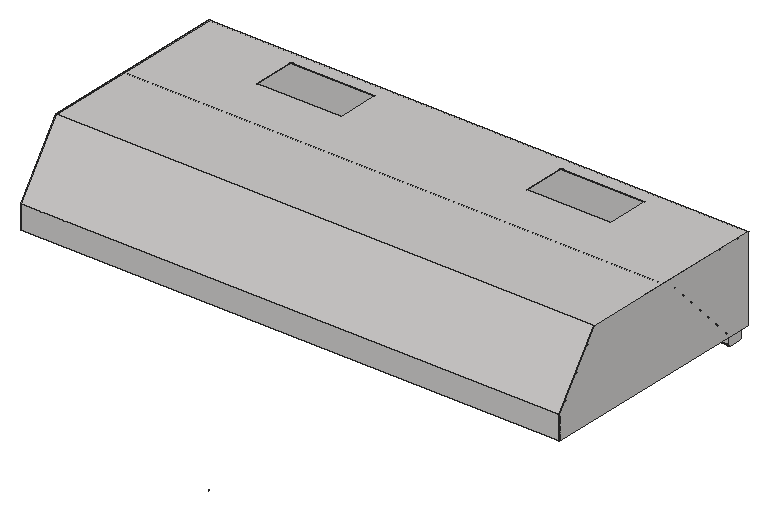
Revit family "QF_ELECTROLUXPROFESSIONAL_642162_BP1432BT", category Specialty Equipment, Revit 2014
Reference planes
  plane 1: z = 0
  plane 2 "Center (Left/Right)": x = 150
  plane 3 "LEFT": x = -1450
  plane 4 "RIGHT": x = 1750
  plane 5 "BACK": y = 550
  plane 6 "TOP": z = 2500
  plane 7 "Base": z = 2000
  plane 8: z = 1926
  plane 9 "DrainY": y = 485
  plane 10: x = -1447
  plane 11: through (0, 414.509, 2000.8) normal (0, 0.7314, 0.682)
  plane 12: y = 470
  plane 13: y = 220
  plane 14 "DrainX": x = 1632
  plane 15: x = -400
  plane 16: x = 700
  plane 17: x = -900
  plane 18: x = 1200
  plane 19: x = 1747
  plane 20: x = 1542
  plane 21: x = 1722
  plane 22: x = -1410
  plane 23: x = -410
  plane 24: x = -10
  plane 25: x = 1710
  plane 26: x = 710
  plane 27: x = 310
  plane 28: z = 2140
  plane 29: y = -590
  plane 30 "Center (Front/Back)": y = -150
  plane 31 "Front": y = -850
Forms (mm)
  Extrusion 1, solid, material "QF_Finishes_Stainless Steel"
    sketch origin (-1450, 0, 360) x (0, 1, 0) y (0, 0, 1)
      loop
        line (550, 1640) -> (550, 2140) -> (-590, 2140) -> (-850, 1780) -> (-850, 1640) -> (550, 1640)
    from 0 to 3
  Extrusion 2, solid, material "QF_Finishes_Stainless Steel"
    sketch origin (150, 0, 360) x (0, 1, 0) y (0, 0, 1)
      loop
        line (415.255, 1640) -> (550, 1640) -> (550, 2139.19) -> (549.2, 2139.19) -> (549.2, 1640.8) -> (415.876, 1640.8) -> (339.347, 1722.867) -> (349.609, 1732.436) -> (348.927, 1733.167) -> (337.934, 1722.917) -> (415.255, 1640)
      loop
        line (-82.203, 2139.19) -> (-82.203, 2118.6) -> (-31.047, 2118.6) -> (34.354, 2048.466) -> (46.028, 2059.352) -> (45.346, 2060.083) -> (34.403, 2049.879) -> (-30.612, 2119.6) -> (-81.203, 2119.6) -> (-81.203, 2139.19) -> (-82.203, 2139.19)
    from -1597 to 1597
  Extrusion 3, solid, material "QF_Finishes_Stainless Steel"
    sketch origin (1750, 0, 360) x (0, 1, 0) y (0, 0, 1)
      loop
        line (550, 1640) -> (550, 2140) -> (-590, 2140) -> (-850, 1780) -> (-850, 1640) -> (550, 1640)
    from 0 to -3
  Extrusion 4, solid, material "QF_Finishes_Stainless Steel"
    sketch origin (150, 0, 360) x (0, 1, 0) y (0, 0, 1)
      loop
        line (550, 2139.19) -> (550, 2140) -> (-590, 2140) -> (-850, 1780) -> (-850, 1640) -> (-849.2, 1640) -> (-849.2, 1779.741) -> (-589.598, 2139.19) -> (550, 2139.19)
    from -1600 to 1600
  Extrusion 5, solid, material "QF_Finishes_Stainless Steel"
    sketch origin (150, 0, 360) x (0, 1, 0) y (0, 0, 1)
      loop
        line (534, 1640) -> (436, 1640) -> (436, 1627) -> (443.5, 1627) -> (443.5, 1576)
        arc (443.5, 1576) -> (446.429, 1568.929) -> (453.5, 1566) r 10
        line (453.5, 1566) -> (516.5, 1566)
        arc (516.5, 1566) -> (523.571, 1568.929) -> (526.5, 1576) r 10
        line (526.5, 1576) -> (526.5, 1627) -> (534, 1627) -> (534, 1640)
    from 1392 to 1572
  Extrusion 6, solid, material "QF_Finishes_Stainless Steel"
    sketch origin (0, 0, 2000) x (0, 1, 0) y (-1, 0, 0)
      loop
        circle (485, -1632) r 20
    from -76 to -74
  Extrusion 7, solid, material "QF_Finished_Chrome"
    sketch origin (150, 0, 360) x (0, 1, 0) y (0, 0, 1)
      loop
        line (337.934, 1722.917) -> (341.591, 1726.327) -> (38.011, 2051.876) -> (34.354, 2048.466) -> (337.934, 1722.917)
    from -560 to -1560
  Extrusion 8, solid, material "QF_Finished_Chrome"
    sketch origin (150, 0, 360) x (0, 1, 0) y (0, 0, 1)
      loop
        line (337.934, 1722.917) -> (341.591, 1726.327) -> (38.011, 2051.876) -> (34.354, 2048.466) -> (337.934, 1722.917)
    from 160 to -160
  Extrusion 9, solid, material "QF_Finishes_Stainless Steel"
    sketch origin (150, 0, 360) x (0, 1, 0) y (0, 0, 1)
      loop
        line (337.934, 1722.917) -> (341.591, 1726.327) -> (38.011, 2051.876) -> (34.354, 2048.466) -> (337.934, 1722.917)
    from 1597 to 1560
  Extrusion 10, solid, material "QF_Finishes_Stainless Steel"
    sketch origin (150, 0, 360) x (0, 1, 0) y (0, 0, 1)
      loop
        line (341.588, 1726.324) -> (38.009, 2051.874) -> (34.354, 2048.466) -> (337.934, 1722.917) -> (341.588, 1726.324)
    from -560 to -160
  Extrusion 11, solid, material "QF_Finished_Chrome"
    sketch origin (150, 0, 360) x (0, 1, 0) y (0, 0, 1)
      loop
        line (341.588, 1726.324) -> (38.009, 2051.874) -> (34.354, 2048.466) -> (337.934, 1722.917) -> (341.588, 1726.324)
    from 560 to 1560
  Extrusion 12, void
    sketch origin (0, 0, 2500) x (0, 1, 0) y (-1, 0, 0)
      loop
        line (470, 900) -> (220, 900) -> (220, 400) -> (470, 400) -> (470, 900)
    from 0 to -10
  Extrusion 13, void
    sketch origin (940, 0, 2500) x (0, 1, 0) y (-1, 0, 0)
      loop
        line (470, 240) -> (220, 240) -> (220, -260) -> (470, -260) -> (470, 240)
    from 0 to -10
  Extrusion 14, solid, material "QF_Finishes_Stainless Steel"
    sketch origin (0, 0, 0) x (1, 0, 0) y (0, 1, 0)
      loop
        line (-1450, 550) -> (-1450, 549) -> (-1449, 549) -> (-1449, 550) -> (-1450, 550)
    from 0 to 1
  Extrusion 15, solid, material "QF_Finishes_Stainless Steel"
    sketch origin (150, 0, 360) x (0, 1, 0) y (0, 0, 1)
      loop
        line (337.934, 1722.917) -> (341.591, 1726.327) -> (38.011, 2051.876) -> (34.354, 2048.466) -> (337.934, 1722.917)
    from -1560 to -1597
  Extrusion 16, solid, material "QF_Finishes_Stainless Steel"
    sketch origin (150, 0, 360) x (0, 1, 0) y (0, 0, -1)
      loop
        line (341.588, -1726.324) -> (337.934, -1722.917) -> (34.354, -2048.466) -> (38.009, -2051.874) -> (341.588, -1726.324)
    from -560 to -160
Cuts and joins
  Extrusion 12, Extrusion 13 cuts Extrusion 4
  joined: Extrusion 2, Extrusion 4
Lines and regions (mm)
  symbolic lines, style "SpecialityEquipment", detail levels coarse
    curve 1: line (1750, 550, 2500) -> (-1450, 550, 2500)
    curve 2: line (-1450, 550, 2500) -> (-1450, -850, 2500)
    curve 3: line (1750, -850, 2500) -> (1750, 550, 2500)
    curve 4: line (-900, 220, 2500) -> (-400, 220, 2500)
    curve 5: line (-900, 470, 2500) -> (-900, 220, 2500)
    curve 6: line (-400, 470, 2500) -> (-900, 470, 2500)
    curve 7: line (-400, 220, 2500) -> (-400, 470, 2500)
    curve 8: line (700, 470, 2500) -> (700, 220, 2500)
    curve 9: line (700, 220, 2500) -> (1200, 220, 2500)
    curve 10: line (1200, 470, 2500) -> (700, 470, 2500)
    curve 11: line (1200, 220, 2500) -> (1200, 470, 2500)
    curve 12: line (-1450, -590, 0) -> (1750, -590, 0)
    curve 13: line (-1450, 550, 0) -> (1750, -590, 0)
    curve 14: line (1750, 550, 0) -> (-1450, -590, 0)
  symbolic lines, detail levels coarse
    curve 15: line (-1450, -850, 2500) -> (1750, -850, 2500)
Dimensions and locks
  plane 3 "LEFT" to plane 4 "RIGHT" = 3200 mm
  equal spacing: plane 3 "LEFT", plane 2 "Center (Left/Right)", plane 4 "RIGHT"
  locked: plane 6 "TOP" to plane 7 "Base" at 500
  plane 7 "Base" to plane 8 = 74 mm
  plane 5 "BACK" to plane 9 "DrainY" = 65 mm  (x2)
  plane 3 "LEFT" to plane 10 = 3 mm
  plane 5 "BACK" to plane 12 = 80 mm
  plane 12 to plane 13 = 250 mm  (x2)
  plane 14 "DrainX" to plane 4 "RIGHT" = 118 mm
  locked: plane 15 to plane 16 at 1100
  equal spacing: plane 15, plane 2 "Center (Left/Right)", plane 16
  plane 17 to plane 15 = 500 mm
  plane 16 to plane 18 = 500 mm
  plane 19 to plane 4 "RIGHT" = 3 mm
  locked: plane 20 to plane 14 "DrainX" at 90
  locked: plane 14 "DrainX" to plane 21 at 90
  plane 12 to plane 5 "BACK" = 80 mm
  locked: plane 3 "LEFT" to plane 22 at 40
  locked: plane 25 to plane 4 "RIGHT" at 40
  plane 28 to plane 7 "Base" = 140 mm
  locked: plane 7 "Base" to level at 2000
  plane 5 "BACK" to plane 31 "Front" = 1400 mm  (x2)
  equal spacing: plane 5 "BACK", plane 30 "Center (Front/Back)", plane 31 "Front"
  locked: plane 24 to plane 2 "Center (Left/Right)" at 160
  locked: plane 2 "Center (Left/Right)" to plane 27 at 160
  locked: plane 23 to plane 24 at 400
  locked: plane 27 to plane 26 at 400
  plane 22 to plane 23 = 1000 mm
  plane 26 to plane 25 = 1000 mm
  aligned and locked: level to plane 1
  aligned and locked: Extrusion 2 to Extrusion 1
  aligned and locked: Extrusion 2 to Extrusion 3
  aligned and locked: plane 4 "RIGHT" to Extrusion 4
  aligned and locked: Extrusion 4 to plane 3 "LEFT"
  aligned and locked: plane 19 to Extrusion 9
  aligned and locked: plane 17 to Extrusion 12
  aligned and locked: Extrusion 12 to plane 15
  aligned and locked: Extrusion 12 to plane 13
  aligned and locked: Extrusion 12 to plane 12
  aligned and locked: Extrusion 13 to plane 18
  aligned and locked: plane 16 to Extrusion 13
  aligned and locked: plane 21 to Extrusion 5
  aligned and locked: Extrusion 5 to plane 20
  aligned and locked: Extrusion 9 to plane 25
  aligned and locked: Extrusion 11 to plane 25
  aligned and locked: Extrusion 11 to plane 26
  aligned and locked: Extrusion 8 to plane 27
  aligned and locked: Extrusion 8 to plane 24
  aligned and locked: plane 24 to Extrusion 10
  aligned and locked: Extrusion 10 to plane 23
  aligned and locked: plane 23 to Extrusion 7
  aligned and locked: Extrusion 7 to plane 22
  aligned and locked: Extrusion 15 to plane 10
  aligned and locked: plane 22 to Extrusion 15
  aligned and locked: Extrusion 16 to plane 27
  aligned and locked: Extrusion 16 to plane 26
  aligned and locked: Extrusion 3 to plane 19
Automatic sketch dimensions
  Extrusion 2 sketch curve to plane 11 = 0 mm  (x3)
  Extrusion 2 sketch curve to plane 7 "Base" = 0 mm
  plane 11 to Extrusion 2 sketch curve = 0 mm
  Extrusion 2 sketch curve to plane 5 "BACK" = 0 mm
  Extrusion 2 sketch curve to Extrusion 2 sketch curve = 65.646 mm
  Extrusion 2 sketch curve to Extrusion 2 sketch curve = 0.682 mm  (x2)
  Extrusion 2 sketch curve to Extrusion 2 sketch curve = 10.261 mm
  plane 7 "Base" to Extrusion 2 sketch curve = 82.917 mm
  Extrusion 2 sketch curve to Extrusion 2 sketch curve = 10.942 mm
  Extrusion 2 sketch curve to Extrusion 2 sketch curve = 0.049 mm
  Extrusion 2 sketch curve to plane 6 "TOP" = 20.4 mm
  Extrusion 2 sketch curve to plane 6 "TOP" = 21.4 mm
  Extrusion 2 sketch curve to plane 6 "TOP" = 0.81 mm  (x2)
  Extrusion 2 sketch curve to Extrusion 2 sketch curve = 50.156 mm
  Extrusion 2 sketch curve to Extrusion 2 sketch curve = 1 mm
  plane 7 "Base" to Extrusion 2 sketch curve = 0.8 mm
  Extrusion 2 sketch curve to plane 5 "BACK" = 0.8 mm
  Extrusion 5 sketch curve to plane 7 "Base" = 0 mm
  Extrusion 5 sketch curve to plane 8 = 0 mm
  Extrusion 5 sketch curve to plane 7 "Base" = 13 mm  (x2)
  plane 12 to Extrusion 5 sketch curve = 34 mm
  Extrusion 5 sketch curve to Extrusion 5 sketch curve = 7.5 mm  (x2)
  Extrusion 5 sketch curve to Extrusion 5 sketch curve = 10 mm
  plane 9 "DrainY" to Extrusion 5 sketch curve = 31.5 mm
  Extrusion 5 sketch curve to plane 5 "BACK" = 23.5 mm
  Extrusion 6 sketch curve to plane 9 "DrainY" = 0 mm
  Extrusion 6 sketch curve to plane 14 "DrainX" = 0 mm
  Extrusion 7 sketch curve to plane 11 = 0 mm  (x2)
  Extrusion 7 sketch curve to Extrusion 7 sketch curve = 3.657 mm
  plane 7 "Base" to Extrusion 7 sketch curve = 82.917 mm
  Extrusion 8 sketch curve to plane 11 = 0 mm  (x2)
  Extrusion 8 sketch curve to Extrusion 8 sketch curve = 3.657 mm
  plane 7 "Base" to Extrusion 8 sketch curve = 82.917 mm
  Extrusion 9 sketch curve to plane 11 = 0 mm  (x2)
  Extrusion 9 sketch curve to Extrusion 9 sketch curve = 3.657 mm
  plane 7 "Base" to Extrusion 9 sketch curve = 82.917 mm
  Extrusion 10 sketch curve to plane 11 = 0 mm  (x2)
  Extrusion 10 sketch curve to Extrusion 10 sketch curve = 3.655 mm
  plane 7 "Base" to Extrusion 10 sketch curve = 82.917 mm
  Extrusion 11 sketch curve to plane 11 = 0 mm  (x2)
  Extrusion 11 sketch curve to Extrusion 11 sketch curve = 3.655 mm
  plane 7 "Base" to Extrusion 11 sketch curve = 82.917 mm
  Extrusion 12 sketch curve to plane 13 = 0 mm
  plane 12 to Extrusion 12 sketch curve = 0 mm
  Extrusion 12 sketch curve to plane 15 = 0 mm
  Extrusion 12 sketch curve to plane 17 = 0 mm
  Extrusion 13 sketch curve to plane 13 = 0 mm
  plane 12 to Extrusion 13 sketch curve = 0 mm
  Extrusion 13 sketch curve to plane 18 = 0 mm
  Extrusion 13 sketch curve to plane 16 = 0 mm
  Extrusion 14 sketch curve to plane 3 "LEFT" = 0 mm
  Extrusion 14 sketch curve to plane 5 "BACK" = 0 mm
  plane 3 "LEFT" to Extrusion 14 sketch curve = 1 mm
  Extrusion 14 sketch curve to plane 5 "BACK" = 1 mm
  Extrusion 15 sketch curve to plane 11 = 0 mm  (x2)
  Extrusion 15 sketch curve to Extrusion 15 sketch curve = 3.657 mm
  plane 7 "Base" to Extrusion 15 sketch curve = 82.917 mm
  Extrusion 16 sketch curve to plane 11 = 0 mm  (x2)
  Extrusion 16 sketch curve to Extrusion 16 sketch curve = 3.655 mm
  plane 7 "Base" to Extrusion 16 sketch curve = 82.917 mm
  Extrusion 4 sketch curve to plane 6 "TOP" = 0 mm
  Extrusion 4 sketch curve to plane 29 = 0 mm
  Extrusion 4 sketch curve to plane 5 "BACK" = 0 mm
  Extrusion 4 sketch curve to plane 7 "Base" = 0 mm
  Extrusion 4 sketch curve to plane 28 = 0 mm
  Extrusion 4 sketch curve to plane 28 = 0.259 mm
  Extrusion 4 sketch curve to Extrusion 4 sketch curve = 0.81 mm
  Extrusion 4 sketch curve to plane 29 = 0.402 mm
  Extrusion 1 sketch curve to plane 6 "TOP" = 0 mm
  Extrusion 1 sketch curve to plane 29 = 0 mm
  Extrusion 1 sketch curve to plane 5 "BACK" = 0 mm
  Extrusion 1 sketch curve to plane 7 "Base" = 0 mm
  Extrusion 1 sketch curve to plane 28 = 0 mm
  Extrusion 3 sketch curve to plane 6 "TOP" = 0 mm
  Extrusion 3 sketch curve to plane 29 = 0 mm
  Extrusion 3 sketch curve to plane 5 "BACK" = 0 mm
  Extrusion 3 sketch curve to plane 7 "Base" = 0 mm
  Extrusion 3 sketch curve to plane 28 = 0 mm
  curve 14 to plane 3 "LEFT" = 0 mm
  curve 13 to plane 3 "LEFT" = 0 mm
  curve 14 to plane 4 "RIGHT" = 0 mm
  curve 12 to plane 4 "RIGHT" = 0 mm
  plane 29 to curve 12 = 0 mm
  curve 14 to plane 5 "BACK" = 0 mm
  curve 13 to plane 5 "BACK" = 0 mm
  plane 29 to Extrusion 1 sketch curve = 260 mm
  plane 29 to Extrusion 3 sketch curve = 260 mm
  plane 29 to Extrusion 4 sketch curve = 259.2 mm
  Extrusion 4 sketch curve to Extrusion 4 sketch curve = 0.8 mm
  Extrusion 2 sketch curve to plane 6 "TOP" = 91.534 mm
  Extrusion 7 sketch curve to plane 6 "TOP" = 88.124 mm
  Extrusion 8 sketch curve to plane 6 "TOP" = 88.124 mm
  Extrusion 9 sketch curve to plane 6 "TOP" = 88.124 mm
  Extrusion 10 sketch curve to plane 6 "TOP" = 88.126 mm
  Extrusion 11 sketch curve to plane 6 "TOP" = 88.126 mm
  Extrusion 15 sketch curve to plane 6 "TOP" = 88.124 mm
  Extrusion 16 sketch curve to plane 6 "TOP" = 88.126 mm
  curve 15 to plane 3 "LEFT" = 0 mm
  curve 3 to plane 4 "RIGHT" = 0 mm
  curve 11 to plane 13 = 0 mm
  curve 4 to plane 13 = 0 mm
  plane 12 to curve 6 = 0 mm
  plane 12 to curve 8 = 0 mm
  curve 3 to plane 5 "BACK" = 0 mm
  curve 11 to plane 18 = 0 mm
  curve 10 to plane 16 = 0 mm
  curve 7 to plane 15 = 0 mm
  curve 6 to plane 17 = 0 mm
  curve 15 to plane 31 "Front" = 0 mm
  radius of Extrusion 6 sketch curve = 20 mm
Connectors
  piping at (1632, 485, 1924), diameter 20
    settings: on Extrusion 6, index 1, connector inside diameter 609.6 mm, connector length 0 mm, flow factor 0, pipe flow 0.0 L/s, pressure drop 0.0 Pa, fitting loss kfactor 0, connector angle 0.00°, fixture units 0, engagement length 0 mm, angle of deflection 0.00°, flow configuration 1, flow direction 2, fitting loss method 0, system type 16, joint type 0, gender type 0, connector reference index -1, connector utility 0, adjustable connector no, is connector primary yes, connector description "Drain"
  hvac at (-650, 345, 2500)
    settings: on Extrusion 12, index 2, duct flow 0.0 L/s, flow factor 0, pres drop 0.0 Pa, loss coef 0, conn angle 0.00°, conn width 250 mm, conn height 500 mm, conn diameter 609.6 mm, duct sys type 3, conn prof type 1, flow config 1, flow direction 0, loss method 0, conn ref index -1, conn util no, is conn primary yes, conn desc "EXHAUST OUTLET"
  hvac at (950, 345, 2500)
    settings: on Extrusion 13, index 3, duct flow 0.0 L/s, flow factor 0, pres drop 0.0 Pa, loss coef 0, conn angle 0.00°, conn width 250 mm, conn height 500 mm, conn diameter 609.6 mm, duct sys type 3, conn prof type 1, flow config 1, flow direction 0, loss method 0, conn ref index -1, conn util no, is conn primary no, conn desc "EXHAUST OUTLET"
